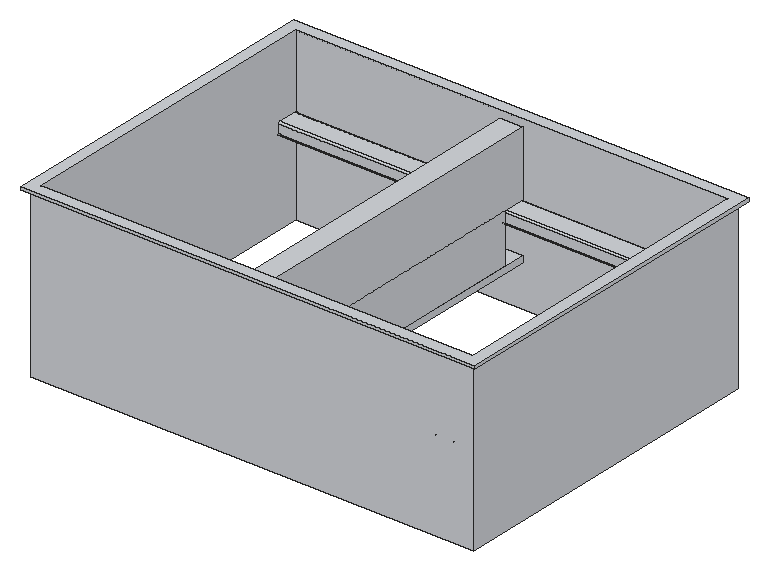
Revit family "MCL-G-BO", category Plumbing Fixtures, Revit 2018
Family settings
  Round Connector Dimension = Use Diameter
  Part Type = Normal
  Work Plane-Based = No
  Always vertical = Yes
  Cut with Voids When Loaded = No
  Shared = No
  Room Calculation Point = No
Parameters (values of type "MCL-G-BO-7-12")
  URL = "WWW.MIFAB.COM"
  Model = "MCL-G-BO-7-12"
  Manufacturer = "MIFAB"
  E- Height = 12.000"
  Description = "BOLT ON (FIXED) EXTENSIONS FOR MCL-G SERIES OF GREASE INTERCEPTORS"
  B- Width = 23.250"
  A-Length = 31.250"
Types (9): name | Model | E- Height | B- Width | A-Length
  (no name) | "MCL-G-BO-7-12" | 12.000" | 23.250" | 31.250"
  MCL-G-BO-4-6 | "MCL-G-BO-4-6" | 6.000" | 15.750" | 23.750"
  MCL-G-BO-4-12 | "MCL-G-BO-4-12" | 12.000" | 15.750" | 23.750"
  MCL-G-BO-5-6 | "MCL-G-BO-5-6" | 6.000" | 18.750" | 27.750"
  MCL-G-BO-5-12 | "MCL-G-BO-5-6" | 12.000" | 18.750" | 27.750"
  MCL-G-BO-6-6 | "MCL-G-BO-6-6" | 6.000" | 23.250" | 31.250"
  MCL-G-BO-6-12 | "MCL-G-BO-6-6" | 12.000" | 23.250" | 31.250"
  MCL-G-BO-7-6 | "MCL-G-BO-7-6" | 6.000" | 23.250" | 31.250"
  MCL-G-BO-7-12 | "MCL-G-BO-7-12" | 12.000" | 23.250" | 31.250"
Reference planes (in)
  plane 1 "Center (Front/Back)": y = 0
  plane 2: z = 0
  plane 3 "Center (Left/Right)": x = 0
  plane 4: x = -15.625
  plane 5: x = 15.625
  plane 6: y = 11.625
  plane 7: y = -11.625
  plane 8: z = 12
  plane 9: x = -15.2313
  plane 10: x = 15.2313
  plane 11: y = -11.2313
  plane 12: y = 11.2313
  plane 13: z = 11.5
  plane 14: z = 0.3937
  plane 15: z = 6
Forms (in)
  Extrusion 1, solid
    sketch origin (0, 0, 0) x (1, 0, 0) y (0, 1, 0)
      loop
        line (-15.625, 11.625) -> (-15.625, -11.625) -> (15.625, -11.625) -> (15.625, 11.625) -> (-15.625, 11.625)
      loop
        line (-15.2313, 11.2313) -> (-15.2313, -11.2313) -> (15.2313, -11.2313) -> (15.2313, 11.2313) -> (-15.2313, 11.2313)
    from 0 to 12
  Sweep 2, solid
    path in 3D
      loop
        line (15.625, 11.625, 12) -> (-15.625, 11.625, 12) -> (-15.625, -11.625, 12) -> (15.625, -11.625, 12) -> (15.625, 11.625, 12)
    profile origin (15.625, 0, 12) x (-1, 0, 0) y (0, 0, 1)
      loop
        line (0, 0) -> (-0.3937, 0) -> (-0.3937, -0.19685) -> (0, -0.19685) -> (0, 0)
  Sweep 3, solid
    path origin (0, 0, 0) x (1, 0, 0) y (0, 1, 0)
      loop
        line (-15.2313, 11.2313) -> (15.2313, 11.2313)
    profile origin (0, 11.2313, 0) x (0, 1, 0) y (0, 0, 1)
      loop
        line (-0.119, 6.88804) -> (-1.4558, 6.88804)
        arc (-1.4558, 6.88804) -> (-1.53995, 6.85319) -> (-1.5748, 6.76904) r 0.119
        line (-1.5748, 6.76904) -> (-1.5748, 6.119)
        arc (-1.5748, 6.119) -> (-1.53995, 6.03485) -> (-1.4558, 6) r 0.119
        line (-1.4558, 6) -> (-0.119, 6)
        arc (-0.119, 6) -> (-0.03485, 6.03485) -> (0, 6.119) r 0.119
        line (0, 6.119) -> (0, 6.76904)
        arc (0, 6.76904) -> (-0.03485, 6.85319) -> (-0.119, 6.88804) r 0.119
  Sweep 4, solid
    path origin (0, 0, 0) x (1, 0, 0) y (0, -1, 0)
      loop
        line (-15.2313, 11.2313) -> (15.2313, 11.2313)
    profile origin (0, -11.2313, 0) x (0, 1, 0) y (0, 0, 1)
      loop
        arc (0.119, 6.88804) -> (0.03485, 6.85319) -> (0, 6.76904) r 0.119
        line (0, 6.76904) -> (0, 6.119)
        arc (0, 6.119) -> (0.03485, 6.03485) -> (0.119, 6) r 0.119
        line (0.119, 6) -> (1.4558, 6)
        arc (1.4558, 6) -> (1.53995, 6.03485) -> (1.5748, 6.119) r 0.119
        line (1.5748, 6.119) -> (1.5748, 6.76907)
        arc (1.5748, 6.76907) -> (1.53996, 6.8532) -> (1.45583, 6.88804) r 0.11897
        line (1.45583, 6.88804) -> (0.119, 6.88804)
  Sweep 5, solid
    path origin (0, 0, 0) x (1, 0, 0) y (0, 1, 0)
      loop
        line (0, 11.2313) -> (0, -11.2313)
    profile origin (0, 0, 0) x (1, 0, 0) y (0, 0, 1)
      loop
        line (-0.7874, 2.92126) -> (0.7874, 2.92126) -> (0.7874, 3.3937) -> (-0.7874, 3.3937) -> (-0.7874, 2.92126)
  Extrusion 6, solid
    sketch origin (0, 0, 0) x (0, 1, 0) y (0, 0, 1)
      loop
        line (9.6565, 6.88804) -> (-9.6565, 6.88804) -> (-9.6565, 3.3937) -> (9.6565, 3.3937) -> (9.6565, 6.88804)
    from -0.7874 to 0.7874
  Sweep 7, solid
    path origin (0, 0, 0) x (1, 0, 0) y (0, 1, 0)
      loop
        line (0, 11.2313) -> (0, -11.2313)
    profile origin (0, 0, 0) x (1, 0, 0) y (0, 0, 1)
      loop
        line (0.7874, 6.88804) -> (0.7874, 11.5) -> (-0.7874, 11.5) -> (-0.7874, 6.88804) -> (0.7874, 6.88804)
Cuts and joins
  joined: Extrusion 1, Sweep 2
Lines and regions (in)
  sketch lines
    curve 1: line (15.625, -11.625, 12) -> (15.625, 11.625, 12)
    curve 2: line (15.625, 11.625, 12) -> (-15.625, 11.625, 12)
    curve 3: line (-15.625, 11.625, 12) -> (-15.625, -11.625, 12)
    curve 4: line (-15.625, -11.625, 12) -> (15.625, -11.625, 12)
Dimensions and locks (in)
  equal spacing: plane 4, plane 3 "Center (Left/Right)", plane 5
  "A-Length": plane 4 to plane 5
  equal spacing: plane 7, plane 1 "Center (Front/Back)", plane 6
  "B- Width": plane 7 to plane 6
  "E- Height": plane 8 to plane 2
  locked: plane 7 to plane 11 at 0.3937
  locked: plane 6 to plane 12 at 0.3937
  locked: plane 4 to plane 9 at 0.3937
  locked: plane 10 to plane 5 at 0.3937
  locked: plane 8 to Sweep 2 sketch curve at 0.19685
  locked: plane 5 to Sweep 2 sketch curve at 0.3937
  locked: plane 8 to plane 13 at 0.5
  locked: plane 12 to Sweep 3 sketch curve at 1.5748
  locked: Sweep 3 sketch curve to Sweep 3 sketch curve at 0.88804
  locked: Sweep 4 sketch curve to Sweep 4 sketch curve at 0.88804
  locked: Sweep 4 sketch curve to cut or joined group of Extrusion 1, Sweep 2 at 1.5748
  locked: plane 14 to plane 2 at 0.3937
  equal spacing: plane 8, plane 15, plane 2
  aligned and locked: level to plane 2
  aligned and locked: Extrusion 1 sketch curve to plane 4
  aligned and locked: Extrusion 1 sketch curve to plane 6
  aligned and locked: plane 5 to Extrusion 1 sketch curve
  aligned and locked: plane 7 to Extrusion 1 sketch curve
  aligned and locked: Extrusion 1 sketch curve to plane 9
  aligned and locked: Extrusion 1 sketch curve to plane 10
  aligned and locked: Extrusion 1 sketch curve to plane 12
  aligned and locked: Extrusion 1 sketch curve to plane 11
  aligned and locked: plane 8 to Extrusion 1
  aligned and locked: Extrusion 1 to level
  aligned and locked: Sweep 3 sketch curve to cut or joined group of Extrusion 1, Sweep 2
  aligned and locked: plane 9 to Sweep 3 sketch curve
  aligned and locked: plane 10 to Sweep 3 sketch curve
  aligned and locked: Sweep 4 sketch curve to cut or joined group of Extrusion 1, Sweep 2  (x2)
  aligned and locked: cut or joined group of Extrusion 1, Sweep 2 to Sweep 4 sketch curve
  aligned and locked: Sweep 5 sketch curve to plane 3 "Center (Left/Right)"
  aligned and locked: Sweep 5 sketch curve to plane 12
  aligned and locked: plane 11 to Sweep 5 sketch curve
  aligned and locked: Sweep 3 to Extrusion 6 sketch curve
  aligned and locked: Extrusion 6 sketch curve to Sweep 3
  aligned and locked: Extrusion 6 sketch curve to Sweep 5
  aligned and locked: Extrusion 6 sketch curve to Sweep 4
  aligned and locked: plane 15 to Sweep 4 sketch curve
  aligned and locked: Sweep 3 sketch curve to plane 15
  aligned and locked: Sweep 7 sketch curve to plane 3 "Center (Left/Right)"
  aligned and locked: cut or joined group of Extrusion 1, Sweep 2 to Sweep 7 sketch curve  (x2)
  aligned and locked: Sweep 7 sketch curve to Extrusion 6  (x3)
  aligned and locked: Sweep 7 sketch curve to plane 13
Automatic sketch dimensions
  Sweep 2 sketch curve to profile plane = 0.000"  (x2)
  Sweep 4 sketch curve to profile plane = 0.000"
  Sweep 4 sketch curve to Sweep 4 sketch curve = 0.119"  (x2)
  Sweep 4 sketch curve to profile plane = 0.119"
  Sweep 4 sketch curve to Sweep 4 sketch curve = 0.11897"
  Sweep 4 sketch curve to Sweep 4 sketch curve = 0.65004"
  Sweep 3 sketch curve to profile plane = 0.000"
  Sweep 3 sketch curve to Sweep 3 sketch curve = 0.119"  (x2)
  profile plane to Sweep 3 sketch curve = 0.119"  (x2)
  profile plane to Sweep 5 sketch curve = 0.7874"
  Sweep 5 sketch curve to profile plane = 0.7874"
  level to Sweep 5 sketch curve = 3.3937"
  Sweep 5 sketch curve to Sweep 5 sketch curve = 0.47244"
